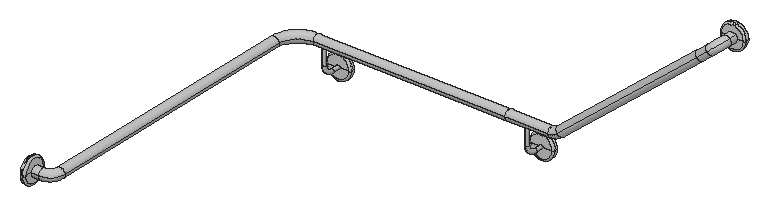
Revit family "RBA4041-900", category Plumbing Fixtures, Revit 2021
Family settings
  Round Connector Dimension = Use Diameter
  Part Type = Normal
  Work Plane-Based = No
  Always vertical = Yes
  Cut with Voids When Loaded = No
  Shared = No
  Room Calculation Point = No
Parameters (values of type "RBA4041-900")
  Watermarked By = "www.rba.com.au"
  URL = "http://www.rba.com.au/accessible-disabled/grab-rails"
  Phone Number = "1300 788 778"
  OFFSET = 800.00 mm
  Modified Issue = "20190806.01"
  Model = "RBA4041-900"
  Materials and Finishes = Stainless Steel, Satin Finish
  Manufacturer Model = "B819438"
  Manufacturer = "Bobrick"
  Description = "40° Angled 2 Wall Grab Rail"
  Default Elevation = 0.00 mm
  Copyright by = "RBA Group"  # constant formula
  Assembly Code = ""
Reference planes
  plane 1 "Center (Front/Back)": y = 0
  plane 2: z = 0
  plane 3: x = 40.5
  plane 4: z = 800
  plane 5: x = 1526.731
  plane 6: y = -73
  plane 7: y = -57
  plane 8: y = -89
  plane 9: x = 97.5
  plane 10: x = 113.5
  plane 11: x = 129.5
  plane 12: z = 768
  plane 13: through (1537.016, -4572, 1221.401) normal (0.6428, 0, -0.766)
  plane 14: y = -1075
  plane 15: x = 990.5
  plane 16: z = 784
  plane 17: through (1568.968, -4572, 1183.321) normal (-0.766, 0, -0.6428)
  plane 18: through (1032.737, -4572, 733.37) normal (-0.766, 0, -0.6428)
Dimensions and locks
  "OFFSET": plane 4 to plane 2
  locked: plane 4 to nested 1 at 16
  aligned and locked: plane 1 "Center (Front/Back)" to nested 1
  aligned and locked: plane 3 to nested 1
Nested families
  nested 1: "RBA4041-900" at (-100, 0, 784), type "RBA4041-900"
    with R_Void 15.00 mm, R 0.00 mm
Definition of nested family "RBA4041-900"
  Parameters (values of type "RBA4041-900")
    Watermarked By = "www.rba.com.au"
    URL = "http://www.rba.com.au/accessible-disabled/grab-rails"
    R_Void [instance] = 15.00 mm
    R [instance] = 0.00 mm
    Phone Number = "1300 788 778"
    Model = "RBA4041-900"
    Manufacturers Model = "B819438"
    Manufacturer = "Bobrick"
    Description = "40° Angled 2 Wall Grab Rail"
    Default Elevation = 0.00 mm
    Copyrighted by = "RBA Group"  # constant formula
    BAR = none
    Assembly Code = ""
  Reference planes
    plane 1 "Center (Front/Back)": y = 0
    plane 2: z = 0
    plane 3: x = 140.5
    plane 4: y = -1075
    plane 5: y = -73
    plane 6: y = -73
    plane 7: z = -100
    plane 8: z = -130
    plane 9: z = -70
    plane 10: x = 345.5
    plane 11: x = 285.5
    plane 12: z = -130
    plane 13: z = -70
    plane 14: x = 1020.5
    plane 15: x = 960.5
    plane 16: x = 315.5
    plane 17: x = 990.5
    plane 18: z = 419.658
    plane 19: z = 479.658
    plane 20: x = 1656.731
    plane 21: x = 1596.731
    plane 22: z = -30
    plane 23: z = 30
    plane 24: y = -1045
    plane 25: y = -1105
    plane 26: x = 1626.731
    plane 27: z = 449.658
    plane 28: through (1626.731, -4572, 449.658) normal (0.766, 0, 0.6428)
    plane 29: x = 1090.5
    plane 30: through (1568.512, -4572, 400.806) normal (0.6428, 0, -0.766)
    plane 31: through (1090.5, -4572, -0.294) normal (0.766, 0, 0.6428)
    plane 32: z = -75.459
  Forms (mm)
    Extrusion 1, solid
      sketch origin (143.128, -1075, 315.907) x (0, 0, -1) y (0, -1, 0)
        loop
          circle (315.907, 0) r 40
      from -0.219 to 2.628
    Revolve 2, solid
      sketch origin (121.837, -1075, 0) x (1, 0, 0) y (0, 1, 0)
        loop
          line (18.663, 0) -> (33.701, 0) -> (32.842, 36.617)
          arc (32.842, 36.617) -> (31.337, 40.077) -> (27.844, 41.5) r 5
          line (27.844, 41.5) -> (18.663, 41.5) -> (18.663, 0)
        axis (18.663, 0) -> (33.701, 0)
      angle from 0 to 360
    Sweep 3, solid
      path origin (131.046, -1075, 0) x (1, 0, 0) y (0, 1, 0)
        loop
          line (12.302, 0) -> (50.454, 0)
          arc (50.454, 0) -> (73.082, 9.373) -> (82.454, 32) r 32
          line (82.454, 32) -> (82.454, 922)
          arc (82.454, 922) -> (105.886, 978.569) -> (162.454, 1002) r 80
          line (162.454, 1002) -> (799.454, 1002)
      profile origin (162.424, -1075, 0) x (0, 1, 0) y (0, 0, 1)
        loop
          circle (0, 0) r 16
    Extrusion 4, solid
      sketch origin (315.5, -2.628, 215.907) x (0, 0, -1) y (-1, 0, 0)
        loop
          circle (315.907, 0) r 40
      from -0.219 to 2.628
    Revolve 5, solid
      sketch origin (315.5, 18.663, -100) x (0, -1, 0) y (1, 0, 0)
        loop
          line (18.663, 0) -> (18.663, -41.5) -> (27.844, -41.5)
          arc (27.844, -41.5) -> (31.337, -40.077) -> (32.842, -36.617) r 5
          line (32.842, -36.617) -> (33.701, 0) -> (18.663, 0)
        axis (18.663, 0) -> (33.701, 0)
      angle from 0 to 360
    Sweep 6, solid
      path origin (315.5, 9.454, -100) x (0, -1, 0) y (0, 0, -1)
        loop
          line (12.302, 0) -> (50.454, 0)
          arc (50.454, 0) -> (73.082, -9.373) -> (82.454, -32) r 32
          line (82.454, -32) -> (82.454, -100)
      profile origin (315.5, -21.924, -100) x (0, 0, -1) y (1, 0, 0)
        loop
          circle (0, 0) r 6
    Extrusion 7, void
      sketch origin (315.5, 34.941, 215.907) x (0, 0, -1) y (-1, 0, 0)
        loop
          circle (315.907, -30) r 5
        loop
          circle (315.907, 30) r 5
      from -37.788 to -30
    Extrusion 8, solid
      sketch origin (990.5, -2.628, 215.907) x (0, 0, -1) y (-1, 0, 0)
        loop
          circle (315.907, 0) r 40
      from -0.219 to 2.628
    Revolve 9, solid
      sketch origin (990.5, 18.663, -100) x (0, -1, 0) y (1, 0, 0)
        loop
          line (18.663, 0) -> (18.663, -41.5) -> (27.844, -41.5)
          arc (27.844, -41.5) -> (31.337, -40.077) -> (32.842, -36.617) r 5
          line (32.842, -36.617) -> (33.701, 0) -> (18.663, 0)
        axis (18.663, 0) -> (33.701, 0)
      angle from 0 to 360
    Sweep 10, solid
      path origin (990.5, 9.454, -100) x (0, -1, 0) y (0, 0, -1)
        loop
          line (12.302, 0) -> (50.454, 0)
          arc (50.454, 0) -> (73.082, -9.373) -> (82.454, -32) r 32
          line (82.454, -32) -> (82.454, -100)
      profile origin (990.5, -21.924, -100) x (0, 0, -1) y (1, 0, 0)
        loop
          circle (0, 0) r 6
    Extrusion 11, void
      sketch origin (990.5, 34.941, 215.907) x (0, 0, -1) y (-1, 0, 0)
        loop
          circle (315.907, -30) r 5
        loop
          circle (315.907, 30) r 5
      from -37.788 to -30
    Extrusion 12, solid
      sketch origin (1626.731, -2.628, 765.565) x (0, 0, -1) y (-1, 0, 0)
        loop
          circle (315.907, 0) r 40
      from -0.219 to 2.628
    Sweep 13, solid
      path origin (2012.404, 9.454, -9.969) x (0, -1, 0) y (0.766044, 0, 0.642788)
        loop
          line (12.638, 0) -> (50.454, 0)
          arc (50.454, 0) -> (73.082, -9.373) -> (82.454, -32) r 32
          line (82.454, -32) -> (82.454, -76)
      profile origin (2012.404, -22.092, -9.969) x (0.766044, 0, 0.642788) y (-0.642788, 0, 0.766044)
        loop
          circle (0, 600) r 16
    Revolve 14, solid
      sketch origin (1626.731, 18.663, 449.658) x (0, -1, 0) y (1, 0, 0)
        loop
          line (18.663, 0) -> (18.663, -41.5) -> (27.844, -41.5)
          arc (27.844, -41.5) -> (31.337, -40.077) -> (32.842, -36.617) r 5
          line (32.842, -36.617) -> (33.701, 0) -> (18.663, 0)
        axis (18.663, 0) -> (33.701, 0)
      angle from 0 to 360
    Extrusion 15, void
      sketch origin (1626.731, 34.941, 765.565) x (0, 0, -1) y (-1, 0, 0)
        loop
          circle (315.907, -30) r 5
        loop
          circle (315.907, 30) r 5
      from -37.788 to -30
    Sweep 16, solid
      path origin (81, 0, 0) x (-1, 0, 0) y (0, 0, -1)
        loop
          line (-849.5, 0) -> (-992.379, 0)
          arc (-992.379, 0) -> (-1008.796, -2.895) -> (-1023.233, -11.23) r 48
          line (-1023.233, -11.23) -> (-1487.512, -400.806)
      profile origin (1001.94, 0, 0) x (0, 0, 1) y (0, -1, 0)
        loop
          circle (0, 73) r 16
    Extrusion 17, void
      sketch origin (105.559, -1075, 315.907) x (0, 0, -1) y (0, -1, 0)
        loop
          circle (315.907, -30) r 5
        loop
          circle (315.907, 30) r 5
      from -37.788 to -30
  Cuts and joins
    Extrusion 7 cuts Extrusion 4
    Extrusion 17 cuts Revolve 2
    Extrusion 7 cuts Revolve 5
    Extrusion 11 cuts Revolve 9
    Extrusion 15, Extrusion 17 cuts Revolve 14
    joined: Revolve 2, Sweep 3, Revolve 5, Sweep 6, Revolve 9, Sweep 10, Sweep 13, Revolve 14, Sweep 16
    Extrusion 11 cuts Extrusion 8
    Extrusion 15, Extrusion 17 cuts Extrusion 12
    Extrusion 17 cuts Extrusion 1
  Dimensions and locks
    plane 4 to plane 1 "Center (Front/Back)" = 1075.00 mm
    plane 2 to plane 7 = 100.00 mm
    plane 1 "Center (Front/Back)" to plane 4 = 1075.00 mm
    Revolve 2 sketch curve to Revolve 2 sketch curve = 41.50 mm
    Revolve 5 sketch curve to Revolve 5 sketch curve = 41.50 mm
    plane 9 to plane 8 = 60.00 mm
    plane 11 to plane 10 = 60.00 mm
    Revolve 9 sketch curve to Revolve 9 sketch curve = 41.50 mm
    plane 13 to plane 12 = 60.00 mm
    plane 15 to plane 14 = 60.00 mm
    Revolve 14 sketch curve to Revolve 14 sketch curve = 41.50 mm
    plane 19 to plane 18 = 60.00 mm
    plane 21 to plane 20 = 60.00 mm
    plane 23 to plane 22 = 60.00 mm
    plane 25 to plane 24 = 60.00 mm
    plane 28 to plane 31 = 700.00 mm
    plane 16 to plane 3 = 175.00 mm
    plane 29 to plane 3 = 950.00 mm
    radius of Extrusion 1 sketch curve = 40.00 mm
    radius of Sweep 3 sketch curve = 16.00 mm
    radius of Extrusion 4 sketch curve = 40.00 mm
    radius of Sweep 6 sketch curve = 6.00 mm
    radius of Extrusion 8 sketch curve = 40.00 mm
    radius of Sweep 10 sketch curve = 6.00 mm
    radius of Extrusion 12 sketch curve = 40.00 mm
    radius of Sweep 13 sketch curve = 16.00 mm
    angle level to plane 30 = 40.00°
    angle level to Sweep 16 sketch curve = 40.00°
    angle plane 32 to Sweep 13 sketch curve = 40.00°
    aligned and locked: Extrusion 1 to Revolve 2
    aligned and locked: Revolve 5 to Extrusion 4
    aligned and locked: Revolve 9 to Extrusion 8
